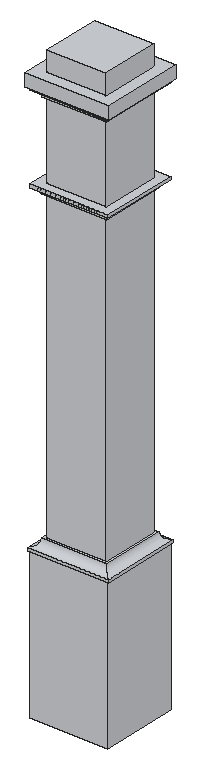
Revit family "5bb6ccaf18134ab487b5c3029a147a15", category Balusters, Revit 2021
Family settings
  OmniClass Number = 23.30.80.11.11.14
  OmniClass Title = Posts, Newel Posts, Pickets
  Seek Item ID = Post - Newel-0000-USA-ENU
  Always vertical = Yes
  Cut with Voids When Loaded = No
  Shared = No
Parameters (values of type "6 1/4"")
  w1 = Width / 2  # 0' - 3 1/8"
  built-in parameter 1008623 [instance] = (empty or 0)
  built-in parameter 1008625 [instance] = (empty or 0)
  Post Material = none
  Width = 0' - 6 1/4"
  Post = yes
  built-in parameter 1008624 [instance] = (empty or 0)
  built-in parameter 1008622 [instance] = 3' - 0"
Types (3): name | w1 | Width
  (no name) | 0' - 3 1/8" | 0' - 6 1/4"
  4 1/4" | 0' - 2 1/8" | 0' - 4 1/4"
  6 1/4" | 0' - 3 1/8" | 0' - 6 1/4"
Reference planes (in)
  plane 1 "Center (Front/Back)": y = 0
  plane 2: z = 0
  plane 3 "Center (Left/Right)": x = 0
  plane 4 "Top": z = 36
  plane 5 "Top of Post": z = 48
  plane 6: x = -3.125
  plane 7: x = 3.125
  plane 8: y = -3.125
  plane 9: y = 3.125
  plane 10: z = 12
  plane 11: z = 38.375
  plane 12: z = 46.375
Forms (in)
  Extrusion 1, solid, material <- "Post Material"
    sketch origin (0, 0, 0) x (1, 0, 0) y (0, 1, 0)
      loop
        line (-3.125, 3.125) -> (-3.125, -3.125) -> (3.125, -3.125) -> (3.125, 3.125) -> (-3.125, 3.125)
    from 0 to 12
  Extrusion 2, solid, material <- "Post Material"
    sketch origin (0, 0, 0) x (1, 0, 0) y (0, 1, 0)
      loop
        line (-2.375, 2.375) -> (-2.375, -2.375) -> (2.375, -2.375) -> (2.375, 2.375) -> (-2.375, 2.375)
    from 12 to 48
  Sweep 3, solid, material <- "Post Material"
    path origin (0, 0, 0) x (1, 0, 0) y (0, 1, 0)
      loop
        line (2.375, 2.375) -> (-2.375, 2.375) -> (-2.375, -2.375) -> (2.375, -2.375) -> (2.375, 2.375)
    profile origin (0, 0, 0) x (0, -1, 0) y (0, 0, 1)
      loop
        line (-2.375, 46.375) -> (-3.375, 46.375) -> (-3.375, 45.375) -> (-2.375, 45.375) -> (-2.375, 46.375)
  Sweep 4, solid, material <- "Post Material"
    path origin (0, 0, 0) x (1, 0, 0) y (0, 1, 0)
      loop
        line (2.375, 2.375) -> (-2.375, 2.375) -> (-2.375, -2.375) -> (2.375, -2.375) -> (2.375, 2.375)
    profile origin (0, 0, 0) x (0, -1, 0) y (0, 0, 1)
      loop
        line (-2.375, 12) -> (-2.375, 12.875) -> (-2.625, 12.875)
        arc (-2.625, 12.875) -> (-2.80806, 12.43306) -> (-3.25, 12.25) r 0.625
        line (-3.25, 12.25) -> (-3.25, 12) -> (-2.375, 12)
      loop
        line (-2.375, 38.375) -> (-3.125, 38.375) -> (-3.125, 38.125)
        arc (-3.125, 38.125) -> (-2.77145, 37.97855) -> (-2.625, 37.625) r 0.5
        line (-2.625, 37.625) -> (-2.375, 37.625) -> (-2.375, 38.375)
      loop
        line (-3.125, 45.375) -> (-3.125, 45.125) -> (-2.625, 45.125) -> (-2.625, 44.625) -> (-2.375, 44.625) -> (-2.375, 45.375) -> (-3.125, 45.375)
Dimensions and locks (in)
  "built-in parameter 1008622": plane 2 to plane 4 "Top"
  equal spacing: Extrusion 1 sketch curve, plane 3 "Center (Left/Right)", Extrusion 1 sketch curve
  equal spacing: Extrusion 1 sketch curve, plane 1 "Center (Front/Back)", Extrusion 1 sketch curve
  "Width": Extrusion 1 sketch curve to Extrusion 1 sketch curve  (x2)
  "Width": plane 6 to plane 7
  "Width": plane 8 to plane 9
  equal spacing: plane 8, plane 1 "Center (Front/Back)", plane 9
  equal spacing: plane 6, plane 3 "Center (Left/Right)", plane 7
  locked: plane 4 "Top" to plane 5 "Top of Post" at 12
  locked: plane 6 to Extrusion 2 sketch curve at 0.75
  locked: Extrusion 2 sketch curve to plane 7 at 0.75
  locked: Extrusion 2 sketch curve to plane 8 at 0.75
  locked: Extrusion 2 sketch curve to plane 9 at 0.75
  locked: plane 12 to plane 5 "Top of Post" at 1.625
  locked: plane 11 to plane 12 at 8
  locked: level to plane 10 at 12
  locked: Sweep 3 sketch curve to plane 12 at 1
  locked: Sweep 3 sketch curve to Extrusion 2 at 1
  locked: plane 10 to Sweep 4 sketch curve at 0.875
  locked: Sweep 4 sketch curve to Extrusion 2 at 0.875
  Sweep 4 sketch curve to plane 11 = 0' - 0 3/4"
  aligned and locked: Extrusion 1 to level
  aligned and locked: Extrusion 1 to plane 10
  aligned and locked: Extrusion 2 to Extrusion 1
  aligned and locked: Extrusion 2 to plane 5 "Top of Post"
  aligned and locked: Sweep 3 sketch curve to Extrusion 2  (x5)
  aligned and locked: Sweep 3 sketch curve to plane 12
  aligned and locked: Sweep 4 sketch curve to Extrusion 2  (x5)
  aligned and locked: Sweep 4 sketch curve to plane 10
  aligned and locked: Sweep 4 sketch curve to plane 11
  aligned and locked: Extrusion 2 to Sweep 4 sketch curve  (x2)
  aligned and locked: Sweep 4 sketch curve to plane 9
  aligned and locked: Sweep 3 to Sweep 4 sketch curve
Automatic sketch dimensions
  Sweep 4 sketch curve to Sweep 4 sketch curve = 0' - 0 3/4"  (x2)
  profile plane to Sweep 4 sketch curve = 0' - 0 1/4"
  Sweep 4 sketch curve to Sweep 4 sketch curve = 0' - 0 1/4"  (x3)
